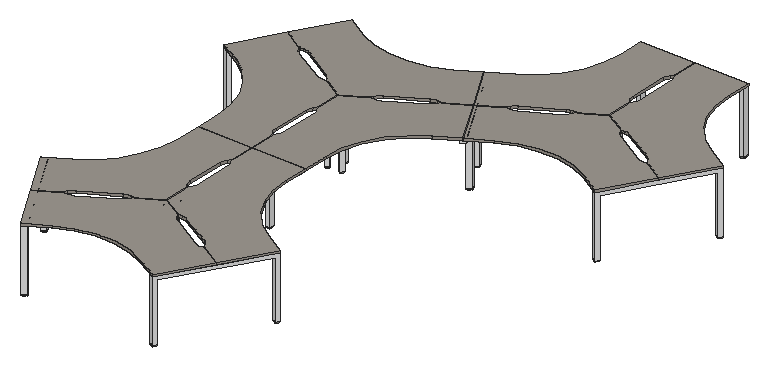
Revit family "120 Degree 9 User Symmetrical Workstation", category Furniture, Revit 2016
Family settings
  OmniClass Number = 23.40.20.00
  OmniClass Title = General Furniture and Specialties
  Work Plane-Based = No
  Always vertical = Yes
  Cut with Voids When Loaded = No
  Shared = No
  Room Calculation Point = No
Parameters
  URL = "www.gof.co.uk"
  Type Comments = ""
  Range = "MESA"
  Product Code = "MESWC1206-9"
  Desktop = Gresham - Nordic Ash
  Model = ""
  Manufacturer = "Gresham Office Furniture"  # constant formula
  Frame = Gresham - Black Metal
  Foot = Gresham - Black Plastic
  Assembly Code = "E2020200"
Reference planes
  plane 1 "Center (Front/Back)": y = 588.013
  plane 2: z = 0
  plane 3 "Center (Left/Right)": x = 0
  plane 4 "Desktop Underside": z = 702
  plane 5 "Foot": z = 10
  plane 6: y = 1788.013
  plane 7: y = -531.603
  plane 8: x = -1339.23
  plane 9: x = 1339.23
Forms (mm)
  Extrusion 1, solid, material "Gresham - Nordic Ash" <- "Desktop"
    sketch origin (-2813.985, 1941.512, 702) x (-1, 0, 0) y (0, -1, 0)
      loop
        line (-3030.492, 1478.5) -> (-2813.985, 1353.5) -> (-2597.479, 1478.5)
        arc (-2597.479, 1478.5) -> (-2568.541, 1501.862) -> (-2548.146, 1532.963) r 120
        arc (-2548.146, 1532.963) -> (-2527.751, 1564.064) -> (-2498.813, 1587.426) r 120
        line (-2498.813, 1587.426) -> (-2134.927, 1797.516)
        arc (-2134.927, 1797.516) -> (-2100.226, 1810.895) -> (-2063.094, 1813.008) r 120
        arc (-2063.094, 1813.008) -> (-2025.963, 1815.12) -> (-1991.261, 1828.5) r 120
        line (-1991.261, 1828.5) -> (-1774.755, 1953.5) -> (-2074.755, 2473.115) -> (-2313.985, 2334.995)
        arc (-2313.985, 2334.995) -> (-2813.985, 2201.021) -> (-3313.985, 2334.995) r 1000
        line (-3313.985, 2334.995) -> (-3553.216, 2473.115) -> (-3853.216, 1953.5) -> (-3636.709, 1828.5)
        arc (-3636.709, 1828.5) -> (-3602.008, 1815.12) -> (-3564.876, 1813.008) r 120
        arc (-3564.876, 1813.008) -> (-3527.745, 1810.895) -> (-3493.043, 1797.516) r 120
        line (-3493.043, 1797.516) -> (-3129.158, 1587.426)
        arc (-3129.158, 1587.426) -> (-3100.22, 1564.064) -> (-3079.825, 1532.963) r 120
        arc (-3079.825, 1532.963) -> (-3059.43, 1501.862) -> (-3030.492, 1478.5) r 120
    from 0 to 25
  Sweep 2, solid, material "Gresham - Black Metal" <- "Frame"
    path in 3D
      loop
        line (-835.104, -240.545, 702) -> (0, 241.603, 702) -> (835.104, -240.545, 702)
    profile origin (-417.552, 0.529, 702) x (-0.5, 0.866025, 0) y (0, 0, 1)
      loop
        line (20, 0) -> (-20, 0) -> (-20, -40) -> (20, -40) -> (20, 0)
  Extrusion 3, solid, material "Gresham - Black Metal" <- "Frame"
    sketch origin (48.06, 60.47, 702) x (-1, 0, 0) y (0, -1, 0)
      loop
        line (28.06, -457.543) -> (68.06, -457.543) -> (68.06, -417.543) -> (28.06, -417.543) -> (28.06, -457.543)
    from -692 to -3
  Extrusion 4, solid, material "Gresham - Black Metal" <- "Frame"
    sketch origin (0, 0, 702) x (-1, 0, 0) y (0, -1, 0)
      loop
        line (8.66, -548.013) -> (47.631, -480.513)
        arc (47.631, -480.513) -> (47.631, -470.513) -> (38.971, -465.513) r 10
        line (38.971, -465.513) -> (-38.971, -465.513)
        arc (-38.971, -465.513) -> (-47.631, -470.513) -> (-47.631, -480.513) r 10
        line (-47.631, -480.513) -> (-8.66, -548.013)
        arc (-8.66, -548.013) -> (0, -553.013) -> (8.66, -548.013) r 10
    from 0 to -3
  Extrusion 5, solid, material "Gresham - Black Plastic" <- "Foot"
    sketch origin (0, 0, 10) x (-1, 0, 0) y (0, -1, 0)
      loop
        line (-20, -518.013) -> (20, -518.013) -> (20, -478.013) -> (-20, -478.013) -> (-20, -518.013)
    from 0 to -5
  Extrusion 6, solid, material "Gresham - Black Plastic" <- "Foot"
    sketch origin (0, 0, 10) x (-1, 0, 0) y (0, -1, 0)
      loop
        circle (0, -498.013) r 18
    from -5 to -10
  Extrusion 7, solid, material "Gresham - Nordic Ash" <- "Desktop"
    sketch origin (2579.158, 2348.246, 702) x (0.5, 0.866025, 0) y (-0.866025, 0.5, 0)
      loop
        line (-3030.492, 1478.5) -> (-2813.985, 1353.5) -> (-2597.479, 1478.5)
        arc (-2597.479, 1478.5) -> (-2568.541, 1501.862) -> (-2548.146, 1532.963) r 120
        arc (-2548.146, 1532.963) -> (-2527.751, 1564.064) -> (-2498.813, 1587.426) r 120
        line (-2498.813, 1587.426) -> (-2134.927, 1797.516)
        arc (-2134.927, 1797.516) -> (-2100.226, 1810.895) -> (-2063.094, 1813.008) r 120
        arc (-2063.094, 1813.008) -> (-2025.963, 1815.12) -> (-1991.261, 1828.5) r 120
        line (-1991.261, 1828.5) -> (-1774.755, 1953.5) -> (-2074.755, 2473.115) -> (-2313.985, 2334.995)
        arc (-2313.985, 2334.995) -> (-2813.985, 2201.021) -> (-3313.985, 2334.995) r 1000
        line (-3313.985, 2334.995) -> (-3553.216, 2473.115) -> (-3853.216, 1953.5) -> (-3636.709, 1828.5)
        arc (-3636.709, 1828.5) -> (-3602.008, 1815.12) -> (-3564.876, 1813.008) r 120
        arc (-3564.876, 1813.008) -> (-3527.745, 1810.895) -> (-3493.043, 1797.516) r 120
        line (-3493.043, 1797.516) -> (-3129.158, 1587.426)
        arc (-3129.158, 1587.426) -> (-3100.22, 1564.064) -> (-3079.825, 1532.963) r 120
        arc (-3079.825, 1532.963) -> (-3059.43, 1501.862) -> (-3030.492, 1478.5) r 120
    from 0 to 25
  Sweep 8, solid, material "Gresham - Black Metal" <- "Frame"
    path in 3D
      loop
        line (-300, 1758.013, 702) -> (-300, 761.218, 702) -> (-1135.104, 279.07, 702)
    profile origin (-300, 1259.615, 702) x (1, 0, 0) y (0, 0, 1)
      loop
        line (20, 0) -> (-20, 0) -> (-20, -40) -> (20, -40) -> (20, 0)
  Extrusion 9, solid, material "Gresham - Black Metal" <- "Frame"
    sketch origin (-480.895, 810.163, 702) x (0.5, 0.866025, 0) y (-0.866025, 0.5, 0)
      loop
        line (28.06, -457.543) -> (68.06, -457.543) -> (68.06, -417.543) -> (28.06, -417.543) -> (28.06, -457.543)
    from -692 to -3
  Extrusion 10, solid, material "Gresham - Black Metal" <- "Frame"
    sketch origin (-509.234, 882.019, 702) x (0.5, 0.866025, 0) y (-0.866025, 0.5, 0)
      loop
        line (8.66, -548.013) -> (47.631, -480.513)
        arc (47.631, -480.513) -> (47.631, -470.513) -> (38.971, -465.513) r 10
        line (38.971, -465.513) -> (-38.971, -465.513)
        arc (-38.971, -465.513) -> (-47.631, -470.513) -> (-47.631, -480.513) r 10
        line (-47.631, -480.513) -> (-8.66, -548.013)
        arc (-8.66, -548.013) -> (0, -553.013) -> (8.66, -548.013) r 10
    from 0 to -3
  Extrusion 11, solid, material "Gresham - Black Plastic" <- "Foot"
    sketch origin (-509.234, 882.019, 10) x (0.5, 0.866025, 0) y (-0.866025, 0.5, 0)
      loop
        line (-20, -518.013) -> (20, -518.013) -> (20, -478.013) -> (-20, -478.013) -> (-20, -518.013)
    from 0 to -5
  Extrusion 12, solid, material "Gresham - Black Plastic" <- "Foot"
    sketch origin (-509.234, 882.019, 10) x (0.5, 0.866025, 0) y (-0.866025, 0.5, 0)
      loop
        circle (0, -498.013) r 18
    from -5 to -10
  Extrusion 13, solid, material "Gresham - Nordic Ash" <- "Desktop"
    sketch origin (234.828, -2525.72, 702) x (0.5, -0.866025, 0) y (0.866025, 0.5, 0)
      loop
        line (-3030.492, 1478.5) -> (-2813.985, 1353.5) -> (-2597.479, 1478.5)
        arc (-2597.479, 1478.5) -> (-2568.541, 1501.862) -> (-2548.146, 1532.963) r 120
        arc (-2548.146, 1532.963) -> (-2527.751, 1564.064) -> (-2498.813, 1587.426) r 120
        line (-2498.813, 1587.426) -> (-2134.927, 1797.516)
        arc (-2134.927, 1797.516) -> (-2100.226, 1810.895) -> (-2063.094, 1813.008) r 120
        arc (-2063.094, 1813.008) -> (-2025.963, 1815.12) -> (-1991.261, 1828.5) r 120
        line (-1991.261, 1828.5) -> (-1774.755, 1953.5) -> (-2074.755, 2473.115) -> (-2313.985, 2334.995)
        arc (-2313.985, 2334.995) -> (-2813.985, 2201.021) -> (-3313.985, 2334.995) r 1000
        line (-3313.985, 2334.995) -> (-3553.216, 2473.115) -> (-3853.216, 1953.5) -> (-3636.709, 1828.5)
        arc (-3636.709, 1828.5) -> (-3602.008, 1815.12) -> (-3564.876, 1813.008) r 120
        arc (-3564.876, 1813.008) -> (-3527.745, 1810.895) -> (-3493.043, 1797.516) r 120
        line (-3493.043, 1797.516) -> (-3129.158, 1587.426)
        arc (-3129.158, 1587.426) -> (-3100.22, 1564.064) -> (-3079.825, 1532.963) r 120
        arc (-3079.825, 1532.963) -> (-3059.43, 1501.862) -> (-3030.492, 1478.5) r 120
    from 0 to 25
  Sweep 14, solid, material "Gresham - Black Metal" <- "Frame"
    path in 3D
      loop
        line (1135.104, 279.07, 702) -> (300, 761.218, 702) -> (300, 1758.013, 702)
    profile origin (717.552, 520.144, 702) x (-0.5, -0.866025, 0) y (0, 0, 1)
      loop
        line (20, 0) -> (-20, 0) -> (-20, -40) -> (20, -40) -> (20, 0)
  Extrusion 15, solid, material "Gresham - Black Metal" <- "Frame"
    sketch origin (432.835, 893.405, 702) x (0.5, -0.866025, 0) y (0.866025, 0.5, 0)
      loop
        line (28.06, -457.543) -> (68.06, -457.543) -> (68.06, -417.543) -> (28.06, -417.543) -> (28.06, -457.543)
    from -692 to -3
  Extrusion 16, solid, material "Gresham - Black Metal" <- "Frame"
    sketch origin (509.234, 882.019, 702) x (0.5, -0.866025, 0) y (0.866025, 0.5, 0)
      loop
        line (8.66, -548.013) -> (47.631, -480.513)
        arc (47.631, -480.513) -> (47.631, -470.513) -> (38.971, -465.513) r 10
        line (38.971, -465.513) -> (-38.971, -465.513)
        arc (-38.971, -465.513) -> (-47.631, -470.513) -> (-47.631, -480.513) r 10
        line (-47.631, -480.513) -> (-8.66, -548.013)
        arc (-8.66, -548.013) -> (0, -553.013) -> (8.66, -548.013) r 10
    from 0 to -3
  Extrusion 17, solid, material "Gresham - Black Plastic" <- "Foot"
    sketch origin (509.234, 882.019, 10) x (0.5, -0.866025, 0) y (0.866025, 0.5, 0)
      loop
        line (-20, -518.013) -> (20, -518.013) -> (20, -478.013) -> (-20, -478.013) -> (-20, -518.013)
    from 0 to -5
  Extrusion 18, solid, material "Gresham - Black Plastic" <- "Foot"
    sketch origin (509.234, 882.019, 10) x (0.5, -0.866025, 0) y (0.866025, 0.5, 0)
      loop
        circle (0, -498.013) r 18
    from -5 to -10
  Extrusion 19, solid, material "Gresham - Nordic Ash" <- "Desktop"
    sketch origin (-2813.985, 1634.513, 702) x (-1, 0, 0) y (0, -1, 0)
      loop
        arc (-3030.492, -1478.5) -> (-3059.43, -1501.862) -> (-3079.825, -1532.963) r 120
        arc (-3079.825, -1532.963) -> (-3100.22, -1564.064) -> (-3129.158, -1587.426) r 120
        line (-3129.158, -1587.426) -> (-3493.043, -1797.516)
        arc (-3493.043, -1797.516) -> (-3527.745, -1810.895) -> (-3564.876, -1813.008) r 120
        arc (-3564.876, -1813.008) -> (-3602.008, -1815.12) -> (-3636.709, -1828.5) r 120
        line (-3636.709, -1828.5) -> (-3853.216, -1953.5) -> (-3553.216, -2473.115) -> (-3313.985, -2334.995)
        arc (-3313.985, -2334.995) -> (-2813.985, -2201.021) -> (-2313.985, -2334.995) r 1000
        line (-2313.985, -2334.995) -> (-2074.755, -2473.115) -> (-1774.755, -1953.5) -> (-1991.261, -1828.5)
        arc (-1991.261, -1828.5) -> (-2025.963, -1815.12) -> (-2063.094, -1813.008) r 120
        arc (-2063.094, -1813.008) -> (-2100.226, -1810.895) -> (-2134.927, -1797.516) r 120
        line (-2134.927, -1797.516) -> (-2498.813, -1587.426)
        arc (-2498.813, -1587.426) -> (-2527.751, -1564.064) -> (-2548.146, -1532.963) r 120
        arc (-2548.146, -1532.963) -> (-2568.541, -1501.862) -> (-2597.479, -1478.5) r 120
        line (-2597.479, -1478.5) -> (-2813.985, -1353.5) -> (-3030.492, -1478.5)
    from 0 to 25
  Sweep 20, solid, material "Gresham - Black Metal" <- "Frame"
    path in 3D
      loop
        line (-835.104, 3816.57, 702) -> (0, 3334.423, 702) -> (863.25, 3832.82, 702)
    profile origin (-417.552, 3575.497, 702) x (0.5, 0.866025, 0) y (0, 0, 1)
      loop
        line (20, 0) -> (-20, 0) -> (-20, -40) -> (20, -40) -> (20, 0)
  Extrusion 21, solid, material "Gresham - Black Metal" <- "Frame"
    sketch origin (48.06, 3515.555, 702) x (-1, 0, 0) y (0, -1, 0)
      loop
        line (28.06, 457.543) -> (28.06, 417.543) -> (68.06, 417.543) -> (68.06, 457.543) -> (28.06, 457.543)
    from -692 to -3
  Extrusion 22, solid, material "Gresham - Black Metal" <- "Frame"
    sketch origin (0, 3576.025, 702) x (-1, 0, 0) y (0, -1, 0)
      loop
        arc (8.66, 548.013) -> (0, 553.013) -> (-8.66, 548.013) r 10
        line (-8.66, 548.013) -> (-47.631, 480.513)
        arc (-47.631, 480.513) -> (-47.631, 470.513) -> (-38.971, 465.513) r 10
        line (-38.971, 465.513) -> (38.971, 465.513)
        arc (38.971, 465.513) -> (47.631, 470.513) -> (47.631, 480.513) r 10
        line (47.631, 480.513) -> (8.66, 548.013)
    from 0 to -3
  Extrusion 23, solid, material "Gresham - Black Plastic" <- "Foot"
    sketch origin (0, 3576.025, 10) x (-1, 0, 0) y (0, -1, 0)
      loop
        line (-20, 518.013) -> (-20, 478.013) -> (20, 478.013) -> (20, 518.013) -> (-20, 518.013)
    from 0 to -5
  Extrusion 24, solid, material "Gresham - Black Plastic" <- "Foot"
    sketch origin (0, 3576.025, 10) x (-1, 0, 0) y (0, -1, 0)
      loop
        circle (0, 498.013) r 18
    from -5 to -10
  Extrusion 25, solid, material "Gresham - Nordic Ash" <- "Desktop"
    sketch origin (2579.158, 1227.78, 702) x (0.5, -0.866025, 0) y (0.866025, 0.5, 0)
      loop
        arc (-3030.492, -1478.5) -> (-3059.43, -1501.862) -> (-3079.825, -1532.963) r 120
        arc (-3079.825, -1532.963) -> (-3100.22, -1564.064) -> (-3129.158, -1587.426) r 120
        line (-3129.158, -1587.426) -> (-3493.043, -1797.516)
        arc (-3493.043, -1797.516) -> (-3527.745, -1810.895) -> (-3564.876, -1813.008) r 120
        arc (-3564.876, -1813.008) -> (-3602.008, -1815.12) -> (-3636.709, -1828.5) r 120
        line (-3636.709, -1828.5) -> (-3853.216, -1953.5) -> (-3553.216, -2473.115) -> (-3313.985, -2334.995)
        arc (-3313.985, -2334.995) -> (-2813.985, -2201.021) -> (-2313.985, -2334.995) r 1000
        line (-2313.985, -2334.995) -> (-2074.755, -2473.115) -> (-1774.755, -1953.5) -> (-1991.261, -1828.5)
        arc (-1991.261, -1828.5) -> (-2025.963, -1815.12) -> (-2063.094, -1813.008) r 120
        arc (-2063.094, -1813.008) -> (-2100.226, -1810.895) -> (-2134.927, -1797.516) r 120
        line (-2134.927, -1797.516) -> (-2498.813, -1587.426)
        arc (-2498.813, -1587.426) -> (-2527.751, -1564.064) -> (-2548.146, -1532.963) r 120
        arc (-2548.146, -1532.963) -> (-2568.541, -1501.862) -> (-2597.479, -1478.5) r 120
        line (-2597.479, -1478.5) -> (-2813.985, -1353.5) -> (-3030.492, -1478.5)
    from 0 to 25
  Sweep 26, solid, material "Gresham - Black Metal" <- "Frame"
    path in 3D
      loop
        line (-300, 1818.013, 702) -> (-300, 2814.808, 702) -> (-1135.104, 3296.955, 702)
    profile origin (-300, 2316.41, 702) x (-1, 0, 0) y (0, 0, 1)
      loop
        line (20, 0) -> (-20, 0) -> (-20, -40) -> (20, -40) -> (20, 0)
  Extrusion 27, solid, material "Gresham - Black Metal" <- "Frame"
    sketch origin (-480.895, 2765.862, 702) x (0.5, -0.866025, 0) y (0.866025, 0.5, 0)
      loop
        line (28.06, 457.543) -> (28.06, 417.543) -> (68.06, 417.543) -> (68.06, 457.543) -> (28.06, 457.543)
    from -692 to -3
  Extrusion 28, solid, material "Gresham - Black Metal" <- "Frame"
    sketch origin (-509.234, 2694.006, 702) x (0.5, -0.866025, 0) y (0.866025, 0.5, 0)
      loop
        arc (8.66, 548.013) -> (0, 553.013) -> (-8.66, 548.013) r 10
        line (-8.66, 548.013) -> (-47.631, 480.513)
        arc (-47.631, 480.513) -> (-47.631, 470.513) -> (-38.971, 465.513) r 10
        line (-38.971, 465.513) -> (38.971, 465.513)
        arc (38.971, 465.513) -> (47.631, 470.513) -> (47.631, 480.513) r 10
        line (47.631, 480.513) -> (8.66, 548.013)
    from 0 to -3
  Extrusion 29, solid, material "Gresham - Black Plastic" <- "Foot"
    sketch origin (-509.234, 2694.006, 10) x (0.5, -0.866025, 0) y (0.866025, 0.5, 0)
      loop
        line (-20, 518.013) -> (-20, 478.013) -> (20, 478.013) -> (20, 518.013) -> (-20, 518.013)
    from 0 to -5
  Extrusion 30, solid, material "Gresham - Black Plastic" <- "Foot"
    sketch origin (-509.234, 2694.006, 10) x (0.5, -0.866025, 0) y (0.866025, 0.5, 0)
      loop
        circle (0, 498.013) r 18
    from -5 to -10
  Extrusion 31, solid, material "Gresham - Nordic Ash" <- "Desktop"
    sketch origin (234.828, 6101.745, 702) x (0.5, 0.866025, 0) y (-0.866025, 0.5, 0)
      loop
        arc (-3030.492, -1478.5) -> (-3059.43, -1501.862) -> (-3079.825, -1532.963) r 120
        arc (-3079.825, -1532.963) -> (-3100.22, -1564.064) -> (-3129.158, -1587.426) r 120
        line (-3129.158, -1587.426) -> (-3493.043, -1797.516)
        arc (-3493.043, -1797.516) -> (-3527.745, -1810.895) -> (-3564.876, -1813.008) r 120
        arc (-3564.876, -1813.008) -> (-3602.008, -1815.12) -> (-3636.709, -1828.5) r 120
        line (-3636.709, -1828.5) -> (-3853.216, -1953.5) -> (-3553.216, -2473.115) -> (-3313.985, -2334.995)
        arc (-3313.985, -2334.995) -> (-2813.985, -2201.021) -> (-2313.985, -2334.995) r 1000
        line (-2313.985, -2334.995) -> (-2074.755, -2473.115) -> (-1774.755, -1953.5) -> (-1991.261, -1828.5)
        arc (-1991.261, -1828.5) -> (-2025.963, -1815.12) -> (-2063.094, -1813.008) r 120
        arc (-2063.094, -1813.008) -> (-2100.226, -1810.895) -> (-2134.927, -1797.516) r 120
        line (-2134.927, -1797.516) -> (-2498.813, -1587.426)
        arc (-2498.813, -1587.426) -> (-2527.751, -1564.064) -> (-2548.146, -1532.963) r 120
        arc (-2548.146, -1532.963) -> (-2568.541, -1501.862) -> (-2597.479, -1478.5) r 120
        line (-2597.479, -1478.5) -> (-2813.985, -1353.5) -> (-3030.492, -1478.5)
    from 0 to 25
  Sweep 32, solid, material "Gresham - Black Metal" <- "Frame"
    path in 3D
      loop
        line (1163.25, 3313.205, 702) -> (300, 2814.808, 702) -> (300, 1818.013, 702)
    profile origin (731.625, 3064.006, 702) x (0.5, -0.866025, 0) y (0, 0, 1)
      loop
        line (20, 0) -> (-20, 0) -> (-20, -40) -> (20, -40) -> (20, 0)
  Extrusion 33, solid, material "Gresham - Black Metal" <- "Frame"
    sketch origin (432.835, 2682.62, 702) x (0.5, 0.866025, 0) y (-0.866025, 0.5, 0)
      loop
        line (28.06, 457.543) -> (28.06, 417.543) -> (68.06, 417.543) -> (68.06, 457.543) -> (28.06, 457.543)
    from -692 to -3
  Extrusion 34, solid, material "Gresham - Black Metal" <- "Frame"
    sketch origin (509.234, 2694.006, 702) x (0.5, 0.866025, 0) y (-0.866025, 0.5, 0)
      loop
        arc (8.66, 548.013) -> (0, 553.013) -> (-8.66, 548.013) r 10
        line (-8.66, 548.013) -> (-47.631, 480.513)
        arc (-47.631, 480.513) -> (-47.631, 470.513) -> (-38.971, 465.513) r 10
        line (-38.971, 465.513) -> (38.971, 465.513)
        arc (38.971, 465.513) -> (47.631, 470.513) -> (47.631, 480.513) r 10
        line (47.631, 480.513) -> (8.66, 548.013)
    from 0 to -3
  Extrusion 35, solid, material "Gresham - Black Plastic" <- "Foot"
    sketch origin (509.234, 2694.006, 10) x (0.5, 0.866025, 0) y (-0.866025, 0.5, 0)
      loop
        line (-20, 518.013) -> (-20, 478.013) -> (20, 478.013) -> (20, 518.013) -> (-20, 518.013)
    from 0 to -5
  Extrusion 36, solid, material "Gresham - Black Plastic" <- "Foot"
    sketch origin (509.234, 2694.006, 10) x (0.5, 0.866025, 0) y (-0.866025, 0.5, 0)
      loop
        circle (0, 498.013) r 18
    from -5 to -10
  Extrusion 37, solid, material "Gresham - Nordic Ash" <- "Desktop"
    sketch origin (4657.619, 5948.246, 702) x (0.5, 0.866025, 0) y (-0.866025, 0.5, 0)
      loop
        line (-3030.492, 1478.5) -> (-2813.985, 1353.5) -> (-2597.479, 1478.5)
        arc (-2597.479, 1478.5) -> (-2568.541, 1501.862) -> (-2548.146, 1532.963) r 120
        arc (-2548.146, 1532.963) -> (-2527.751, 1564.064) -> (-2498.813, 1587.426) r 120
        line (-2498.813, 1587.426) -> (-2134.927, 1797.516)
        arc (-2134.927, 1797.516) -> (-2100.226, 1810.895) -> (-2063.094, 1813.008) r 120
        arc (-2063.094, 1813.008) -> (-2025.963, 1815.12) -> (-1991.261, 1828.5) r 120
        line (-1991.261, 1828.5) -> (-1774.755, 1953.5) -> (-2074.755, 2473.115) -> (-2313.985, 2334.995)
        arc (-2313.985, 2334.995) -> (-2813.985, 2201.021) -> (-3313.985, 2334.995) r 1000
        line (-3313.985, 2334.995) -> (-3553.216, 2473.115) -> (-3853.216, 1953.5) -> (-3636.709, 1828.5)
        arc (-3636.709, 1828.5) -> (-3602.008, 1815.12) -> (-3564.876, 1813.008) r 120
        arc (-3564.876, 1813.008) -> (-3527.745, 1810.895) -> (-3493.043, 1797.516) r 120
        line (-3493.043, 1797.516) -> (-3129.158, 1587.426)
        arc (-3129.158, 1587.426) -> (-3100.22, 1564.064) -> (-3079.825, 1532.963) r 120
        arc (-3079.825, 1532.963) -> (-3059.43, 1501.862) -> (-3030.492, 1478.5) r 120
    from 0 to 25
  Sweep 38, solid, material "Gresham - Black Metal" <- "Frame"
    path in 3D
      loop
        line (1778.461, 5325.513, 702) -> (1778.461, 4361.218, 702) -> (915.211, 3862.82, 702)
    profile origin (1778.461, 4843.365, 702) x (1, 0, 0) y (0, 0, 1)
      loop
        line (20, 0) -> (-20, 0) -> (-20, -40) -> (20, -40) -> (20, 0)
  Extrusion 39, solid, material "Gresham - Black Metal" <- "Frame"
    sketch origin (1597.566, 4410.163, 702) x (0.5, 0.866025, 0) y (-0.866025, 0.5, 0)
      loop
        line (28.06, -457.543) -> (68.06, -457.543) -> (68.06, -417.543) -> (28.06, -417.543) -> (28.06, -457.543)
    from -692 to -3
  Extrusion 40, solid, material "Gresham - Black Metal" <- "Frame"
    sketch origin (1569.227, 4482.019, 702) x (0.5, 0.866025, 0) y (-0.866025, 0.5, 0)
      loop
        line (8.66, -548.013) -> (47.631, -480.513)
        arc (47.631, -480.513) -> (47.631, -470.513) -> (38.971, -465.513) r 10
        line (38.971, -465.513) -> (-38.971, -465.513)
        arc (-38.971, -465.513) -> (-47.631, -470.513) -> (-47.631, -480.513) r 10
        line (-47.631, -480.513) -> (-8.66, -548.013)
        arc (-8.66, -548.013) -> (0, -553.013) -> (8.66, -548.013) r 10
    from 0 to -3
  Extrusion 41, solid, material "Gresham - Black Plastic" <- "Foot"
    sketch origin (1569.227, 4482.019, 10) x (0.5, 0.866025, 0) y (-0.866025, 0.5, 0)
      loop
        line (-20, -518.013) -> (20, -518.013) -> (20, -478.013) -> (-20, -478.013) -> (-20, -518.013)
    from 0 to -5
  Extrusion 42, solid, material "Gresham - Black Plastic" <- "Foot"
    sketch origin (1569.227, 4482.019, 10) x (0.5, 0.866025, 0) y (-0.866025, 0.5, 0)
      loop
        circle (0, -498.013) r 18
    from -5 to -10
  Extrusion 43, solid, material "Gresham - Nordic Ash" <- "Desktop"
    sketch origin (2313.288, 1074.28, 702) x (0.5, -0.866025, 0) y (0.866025, 0.5, 0)
      loop
        line (-3030.492, 1478.5) -> (-2813.985, 1353.5) -> (-2597.479, 1478.5)
        arc (-2597.479, 1478.5) -> (-2568.541, 1501.862) -> (-2548.146, 1532.963) r 120
        arc (-2548.146, 1532.963) -> (-2527.751, 1564.064) -> (-2498.813, 1587.426) r 120
        line (-2498.813, 1587.426) -> (-2134.927, 1797.516)
        arc (-2134.927, 1797.516) -> (-2100.226, 1810.895) -> (-2063.094, 1813.008) r 120
        arc (-2063.094, 1813.008) -> (-2025.963, 1815.12) -> (-1991.261, 1828.5) r 120
        line (-1991.261, 1828.5) -> (-1774.755, 1953.5) -> (-2074.755, 2473.115) -> (-2313.985, 2334.995)
        arc (-2313.985, 2334.995) -> (-2813.985, 2201.021) -> (-3313.985, 2334.995) r 1000
        line (-3313.985, 2334.995) -> (-3553.216, 2473.115) -> (-3853.216, 1953.5) -> (-3636.709, 1828.5)
        arc (-3636.709, 1828.5) -> (-3602.008, 1815.12) -> (-3564.876, 1813.008) r 120
        arc (-3564.876, 1813.008) -> (-3527.745, 1810.895) -> (-3493.043, 1797.516) r 120
        line (-3493.043, 1797.516) -> (-3129.158, 1587.426)
        arc (-3129.158, 1587.426) -> (-3100.22, 1564.064) -> (-3079.825, 1532.963) r 120
        arc (-3079.825, 1532.963) -> (-3059.43, 1501.862) -> (-3030.492, 1478.5) r 120
    from 0 to 25
  Sweep 44, solid, material "Gresham - Black Metal" <- "Frame"
    path in 3D
      loop
        line (3213.132, 3879.32, 702) -> (2378.461, 4361.218, 702) -> (2378.461, 5325.513, 702)
    profile origin (2795.796, 4120.269, 702) x (-0.5, -0.866025, 0) y (0, 0, 1)
      loop
        line (20, 0) -> (-20, 0) -> (-20, -40) -> (20, -40) -> (20, 0)
  Extrusion 45, solid, material "Gresham - Black Metal" <- "Frame"
    sketch origin (2511.296, 4493.405, 702) x (0.5, -0.866025, 0) y (0.866025, 0.5, 0)
      loop
        line (28.06, -457.543) -> (68.06, -457.543) -> (68.06, -417.543) -> (28.06, -417.543) -> (28.06, -457.543)
    from -692 to -3
  Extrusion 46, solid, material "Gresham - Black Metal" <- "Frame"
    sketch origin (2587.695, 4482.019, 702) x (0.5, -0.866025, 0) y (0.866025, 0.5, 0)
      loop
        line (8.66, -548.013) -> (47.631, -480.513)
        arc (47.631, -480.513) -> (47.631, -470.513) -> (38.971, -465.513) r 10
        line (38.971, -465.513) -> (-38.971, -465.513)
        arc (-38.971, -465.513) -> (-47.631, -470.513) -> (-47.631, -480.513) r 10
        line (-47.631, -480.513) -> (-8.66, -548.013)
        arc (-8.66, -548.013) -> (0, -553.013) -> (8.66, -548.013) r 10
    from 0 to -3
  Extrusion 47, solid, material "Gresham - Black Plastic" <- "Foot"
    sketch origin (2587.695, 4482.019, 10) x (0.5, -0.866025, 0) y (0.866025, 0.5, 0)
      loop
        line (-20, -518.013) -> (20, -518.013) -> (20, -478.013) -> (-20, -478.013) -> (-20, -518.013)
    from 0 to -5
  Extrusion 48, solid, material "Gresham - Black Plastic" <- "Foot"
    sketch origin (2587.695, 4482.019, 10) x (0.5, -0.866025, 0) y (0.866025, 0.5, 0)
      loop
        circle (0, -498.013) r 18
    from -5 to -10
  Extrusion 49, solid, material "Gresham - Nordic Ash" <- "Desktop"
    sketch origin (-735.524, 5541.512, 702) x (-1, 0, 0) y (0, -1, 0)
      loop
        line (-3030.492, 1478.5) -> (-2813.985, 1353.5) -> (-2597.479, 1478.5)
        arc (-2597.479, 1478.5) -> (-2568.541, 1501.862) -> (-2548.146, 1532.963) r 120
        arc (-2548.146, 1532.963) -> (-2527.751, 1564.064) -> (-2498.813, 1587.426) r 120
        line (-2498.813, 1587.426) -> (-2134.927, 1797.516)
        arc (-2134.927, 1797.516) -> (-2100.226, 1810.895) -> (-2063.094, 1813.008) r 120
        arc (-2063.094, 1813.008) -> (-2025.963, 1815.12) -> (-1991.261, 1828.5) r 120
        line (-1991.261, 1828.5) -> (-1774.755, 1953.5) -> (-2074.755, 2473.115) -> (-2313.985, 2334.995)
        arc (-2313.985, 2334.995) -> (-2813.985, 2201.021) -> (-3313.985, 2334.995) r 1000
        line (-3313.985, 2334.995) -> (-3553.216, 2473.115) -> (-3853.216, 1953.5) -> (-3636.709, 1828.5)
        arc (-3636.709, 1828.5) -> (-3602.008, 1815.12) -> (-3564.876, 1813.008) r 120
        arc (-3564.876, 1813.008) -> (-3527.745, 1810.895) -> (-3493.043, 1797.516) r 120
        line (-3493.043, 1797.516) -> (-3129.158, 1587.426)
        arc (-3129.158, 1587.426) -> (-3100.22, 1564.064) -> (-3079.825, 1532.963) r 120
        arc (-3079.825, 1532.963) -> (-3059.43, 1501.862) -> (-3030.492, 1478.5) r 120
    from 0 to 25
  Sweep 50, solid, material "Gresham - Black Metal" <- "Frame"
    path in 3D
      loop
        line (1215.211, 3343.205, 702) -> (2078.461, 3841.603, 702) -> (2913.132, 3359.705, 702)
    profile origin (1646.836, 3592.404, 702) x (-0.5, 0.866025, 0) y (0, 0, 1)
      loop
        line (20, 0) -> (-20, 0) -> (-20, -40) -> (20, -40) -> (20, 0)
  Extrusion 51, solid, material "Gresham - Black Metal" <- "Frame"
    sketch origin (2126.521, 3660.47, 702) x (-1, 0, 0) y (0, -1, 0)
      loop
        line (28.06, -457.543) -> (68.06, -457.543) -> (68.06, -417.543) -> (28.06, -417.543) -> (28.06, -457.543)
    from -692 to -3
  Extrusion 52, solid, material "Gresham - Black Metal" <- "Frame"
    sketch origin (2078.461, 3600, 702) x (-1, 0, 0) y (0, -1, 0)
      loop
        line (8.66, -548.013) -> (47.631, -480.513)
        arc (47.631, -480.513) -> (47.631, -470.513) -> (38.971, -465.513) r 10
        line (38.971, -465.513) -> (-38.971, -465.513)
        arc (-38.971, -465.513) -> (-47.631, -470.513) -> (-47.631, -480.513) r 10
        line (-47.631, -480.513) -> (-8.66, -548.013)
        arc (-8.66, -548.013) -> (0, -553.013) -> (8.66, -548.013) r 10
    from 0 to -3
  Extrusion 53, solid, material "Gresham - Black Plastic" <- "Foot"
    sketch origin (2078.461, 3600, 10) x (-1, 0, 0) y (0, -1, 0)
      loop
        line (-20, -518.013) -> (20, -518.013) -> (20, -478.013) -> (-20, -478.013) -> (-20, -518.013)
    from 0 to -5
  Extrusion 54, solid, material "Gresham - Black Plastic" <- "Foot"
    sketch origin (2078.461, 3600, 10) x (-1, 0, 0) y (0, -1, 0)
      loop
        circle (0, -498.013) r 18
    from -5 to -10
Lines and regions (mm)
  model lines
    curve 1: line (-835.104, -240.545, 702) -> (0, 241.603, 702)
    curve 2: line (835.104, -240.545, 702) -> (0, 241.603, 702)
    curve 5: line (-300, 1758.013, 702) -> (-300, 761.218, 702)
    curve 6: line (-1135.104, 279.07, 702) -> (-300, 761.218, 702)
    curve 9: line (1135.104, 279.07, 702) -> (300, 761.218, 702)
    curve 10: line (300, 1758.013, 702) -> (300, 761.218, 702)
    curve 13: line (-835.104, 3816.57, 702) -> (0, 3334.423, 702)
    curve 14: line (863.25, 3832.82, 702) -> (0, 3334.423, 702)
    curve 17: line (-300, 1818.013, 702) -> (-300, 2814.808, 702)
    curve 18: line (-1135.104, 3296.955, 702) -> (-300, 2814.808, 702)
    curve 21: line (1163.25, 3313.205, 702) -> (300, 2814.808, 702)
    curve 22: line (300, 1818.013, 702) -> (300, 2814.808, 702)
    curve 25: line (1778.461, 5325.513, 702) -> (1778.461, 4361.218, 702)
    curve 26: line (915.211, 3862.82, 702) -> (1778.461, 4361.218, 702)
    curve 29: line (3213.132, 3879.32, 702) -> (2378.461, 4361.218, 702)
    curve 30: line (2378.461, 5325.513, 702) -> (2378.461, 4361.218, 702)
    curve 33: line (1215.211, 3343.205, 702) -> (2078.461, 3841.603, 702)
    curve 34: line (2913.132, 3359.705, 702) -> (2078.461, 3841.603, 702)
  sketch lines
    curve 3: line (-835.104, -240.545, 702) -> (0, 241.603, 702)
    curve 4: line (835.104, -240.545, 702) -> (0, 241.603, 702)
    curve 7: line (-300, 1758.013, 702) -> (-300, 761.218, 702)
    curve 8: line (-1135.104, 279.07, 702) -> (-300, 761.218, 702)
    curve 11: line (1135.104, 279.07, 702) -> (300, 761.218, 702)
    curve 12: line (300, 1758.013, 702) -> (300, 761.218, 702)
    curve 15: line (-835.104, 3816.57, 702) -> (0, 3334.423, 702)
    curve 16: line (863.25, 3832.82, 702) -> (0, 3334.423, 702)
    curve 19: line (-300, 1818.013, 702) -> (-300, 2814.808, 702)
    curve 20: line (-1135.104, 3296.955, 702) -> (-300, 2814.808, 702)
    curve 23: line (1163.25, 3313.205, 702) -> (300, 2814.808, 702)
    curve 24: line (300, 1818.013, 702) -> (300, 2814.808, 702)
    curve 27: line (1778.461, 5325.513, 702) -> (1778.461, 4361.218, 702)
    curve 28: line (915.211, 3862.82, 702) -> (1778.461, 4361.218, 702)
    curve 31: line (3213.132, 3879.32, 702) -> (2378.461, 4361.218, 702)
    curve 32: line (2378.461, 5325.513, 702) -> (2378.461, 4361.218, 702)
    curve 35: line (1215.211, 3343.205, 702) -> (2078.461, 3841.603, 702)
    curve 36: line (2913.132, 3359.705, 702) -> (2078.461, 3841.603, 702)
Dimensions and locks
  locked: plane 4 "Desktop Underside" to plane 2 at 702
  locked: plane 2 to plane 5 "Foot" at 10
  plane 7 to plane 1 "Center (Front/Back)" to plane 6 = 1119.615 mm, 1200 mm
  Extrusion 1 sketch curve to Extrusion 1 sketch curve = 1200 mm  (x2)
  Extrusion 1 sketch curve to Extrusion 1 sketch curve = 250 mm  (x4)
  Extrusion 1 sketch curve to Extrusion 1 sketch curve = 45 mm  (x2)
  plane 8 to plane 9 = 2678.461 mm
  equal spacing: plane 8, plane 3 "Center (Left/Right)", plane 9
  Sweep 2 sketch curve to Extrusion 1 = 40 mm
  Sweep 2 sketch curve to Sweep 2 sketch curve = 40 mm
  plane 7 to plane 6 = 2319.615 mm
  locked: Extrusion 1 to nested 1 at 2.5  (x2)
  Extrusion 7 sketch curve to Extrusion 7 sketch curve = 1200 mm  (x2)
  Extrusion 7 sketch curve to Extrusion 7 sketch curve = 250 mm  (x4)
  Extrusion 7 sketch curve to Extrusion 7 sketch curve = 45 mm  (x2)
  Sweep 8 sketch curve to Extrusion 7 = 40 mm
  Sweep 8 sketch curve to Sweep 8 sketch curve = 40 mm
  locked: Extrusion 7 to nested 2 at 2.5  (x2)
  Extrusion 13 sketch curve to Extrusion 13 sketch curve = 1200 mm  (x2)
  Extrusion 13 sketch curve to Extrusion 13 sketch curve = 250 mm  (x4)
  Extrusion 13 sketch curve to Extrusion 13 sketch curve = 45 mm  (x2)
  Sweep 14 sketch curve to Extrusion 13 = 40 mm
  Sweep 14 sketch curve to Sweep 14 sketch curve = 40 mm
  Extrusion 19 sketch curve to Extrusion 19 sketch curve = 1200 mm  (x2)
  Extrusion 19 sketch curve to Extrusion 19 sketch curve = 250 mm  (x4)
  Extrusion 19 sketch curve to Extrusion 19 sketch curve = 45 mm  (x2)
  Sweep 20 sketch curve to Extrusion 19 = 40 mm
  Sweep 20 sketch curve to Sweep 20 sketch curve = 40 mm
  Extrusion 25 sketch curve to Extrusion 25 sketch curve = 1200 mm  (x2)
  Extrusion 25 sketch curve to Extrusion 25 sketch curve = 250 mm  (x4)
  Extrusion 25 sketch curve to Extrusion 25 sketch curve = 45 mm  (x2)
  Sweep 26 sketch curve to Extrusion 25 = 40 mm
  Sweep 26 sketch curve to Sweep 26 sketch curve = 40 mm
  locked: Extrusion 25 to nested 4 at 2.5  (x2)
  Extrusion 31 sketch curve to Extrusion 31 sketch curve = 1200 mm  (x2)
  Extrusion 31 sketch curve to Extrusion 31 sketch curve = 250 mm  (x4)
  Extrusion 31 sketch curve to Extrusion 31 sketch curve = 45 mm  (x2)
  Sweep 32 sketch curve to Extrusion 31 = 40 mm
  Sweep 32 sketch curve to Sweep 32 sketch curve = 40 mm
  locked: Extrusion 19 to nested 4 at 2.5  (x2)
  locked: nested 5 to Extrusion 13 at 37.5
  locked: Extrusion 7 to nested 5 at 37.5
  Extrusion 37 sketch curve to Extrusion 37 sketch curve = 1200 mm  (x2)
  Extrusion 37 sketch curve to Extrusion 37 sketch curve = 250 mm  (x4)
  Extrusion 37 sketch curve to Extrusion 37 sketch curve = 45 mm  (x2)
  Sweep 38 sketch curve to Extrusion 37 = 40 mm
  Sweep 38 sketch curve to Sweep 38 sketch curve = 40 mm
  Extrusion 43 sketch curve to Extrusion 43 sketch curve = 1200 mm  (x2)
  Extrusion 43 sketch curve to Extrusion 43 sketch curve = 250 mm  (x4)
  Extrusion 43 sketch curve to Extrusion 43 sketch curve = 45 mm  (x2)
  Sweep 44 sketch curve to Extrusion 43 = 40 mm
  Sweep 44 sketch curve to Sweep 44 sketch curve = 40 mm
  locked: Extrusion 43 to nested 6 at 2.5  (x2)
  Extrusion 49 sketch curve to Extrusion 49 sketch curve = 1200 mm  (x2)
  Extrusion 49 sketch curve to Extrusion 49 sketch curve = 250 mm  (x4)
  Extrusion 49 sketch curve to Extrusion 49 sketch curve = 45 mm  (x2)
  Sweep 50 sketch curve to Extrusion 49 = 40 mm
  Sweep 50 sketch curve to Sweep 50 sketch curve = 40 mm
  locked: Extrusion 37 to nested 6 at 2.5  (x2)
  locked: Extrusion 43 to nested 7 at 2.5
  locked: Extrusion 43 to nested 7 at 3
  locked: Extrusion 49 to nested 7 at 2.5
  locked: Extrusion 49 to nested 7 at 3
  radius of Extrusion 6 sketch curve = 18 mm
  radius of Extrusion 12 sketch curve = 18 mm
  radius of Extrusion 18 sketch curve = 18 mm
  radius of Extrusion 24 sketch curve = 18 mm
  radius of Extrusion 30 sketch curve = 18 mm
  radius of Extrusion 36 sketch curve = 18 mm
  radius of Extrusion 42 sketch curve = 18 mm
  radius of Extrusion 48 sketch curve = 18 mm
  radius of Extrusion 54 sketch curve = 18 mm
  aligned and locked: level to plane 2
  aligned and locked: Extrusion 3 to Extrusion 4
  aligned and locked: Extrusion 6 to Extrusion 5
  aligned and locked: Extrusion 9 to Extrusion 10
  aligned and locked: Extrusion 12 to Extrusion 11
  aligned and locked: Extrusion 15 to Extrusion 16
  aligned and locked: Extrusion 18 to Extrusion 17
  aligned and locked: Extrusion 22 to Extrusion 21
  aligned and locked: Extrusion 23 to Extrusion 24
  aligned and locked: Extrusion 28 to Extrusion 27
  aligned and locked: Extrusion 29 to Extrusion 30
  aligned and locked: Extrusion 34 to Extrusion 33
  aligned and locked: Extrusion 35 to Extrusion 36
  aligned and locked: Extrusion 39 to Extrusion 40
  aligned and locked: Extrusion 42 to Extrusion 41
  aligned and locked: Extrusion 45 to Extrusion 46
  aligned and locked: Extrusion 48 to Extrusion 47
  aligned and locked: Extrusion 51 to Extrusion 52
  aligned and locked: Extrusion 54 to Extrusion 53
Automatic sketch dimensions
  plane 7 to Extrusion 1 sketch curve = 0 mm  (x2)
  plane 1 "Center (Front/Back)" to Extrusion 1 sketch curve = 0 mm
  Extrusion 1 sketch curve to plane 3 "Center (Left/Right)" = 0 mm  (x2)
  plane 3 "Center (Left/Right)" to Extrusion 1 sketch curve = 156.506 mm
  plane 1 "Center (Front/Back)" to Extrusion 1 sketch curve = 125 mm  (x2)
  Extrusion 1 sketch curve to Extrusion 1 sketch curve = 98.666 mm  (x2)
  Extrusion 1 sketch curve to Extrusion 1 sketch curve = 60 mm  (x5)
  Extrusion 1 sketch curve to plane 7 = 138.12 mm  (x2)
  plane 3 "Center (Left/Right)" to Extrusion 1 sketch curve = 500 mm
  Extrusion 1 sketch curve to Extrusion 1 sketch curve = 363.885 mm  (x2)
  Extrusion 1 sketch curve to Extrusion 1 sketch curve = 83.666 mm
  plane 1 "Center (Front/Back)" to Extrusion 1 sketch curve = 475 mm
  Extrusion 1 sketch curve to plane 3 "Center (Left/Right)" = 156.506 mm
  plane 1 "Center (Front/Back)" to Extrusion 1 sketch curve = 444.016 mm
  Extrusion 1 sketch curve to Extrusion 1 sketch curve = 103.923 mm  (x8)
  plane 7 to Extrusion 1 sketch curve = 727.906 mm
  profile plane to Sweep 2 sketch curve = 0 mm
  profile plane to Sweep 2 sketch curve = 20 mm
  plane 3 "Center (Left/Right)" to Extrusion 3 sketch curve = 20 mm
  Extrusion 3 sketch curve to plane 3 "Center (Left/Right)" = 20 mm
  plane 1 "Center (Front/Back)" to Extrusion 3 sketch curve = 70 mm
  Extrusion 3 sketch curve to Extrusion 3 sketch curve = 40 mm
  Extrusion 4 sketch curve to plane 3 "Center (Left/Right)" = 0 mm
  plane 3 "Center (Left/Right)" to Extrusion 4 sketch curve = 8.66 mm
  plane 3 "Center (Left/Right)" to Extrusion 4 sketch curve = 38.971 mm
  Extrusion 4 sketch curve to Extrusion 4 sketch curve = 8.66 mm  (x2)
  Extrusion 4 sketch curve to plane 3 "Center (Left/Right)" = 8.66 mm
  Extrusion 4 sketch curve to plane 3 "Center (Left/Right)" = 38.971 mm
  plane 1 "Center (Front/Back)" to Extrusion 4 sketch curve = 40 mm
  Extrusion 4 sketch curve to Extrusion 4 sketch curve = 5 mm  (x2)
  Extrusion 4 sketch curve to Extrusion 4 sketch curve = 67.5 mm  (x2)
  plane 3 "Center (Left/Right)" to Extrusion 5 sketch curve = 20 mm
  Extrusion 5 sketch curve to plane 3 "Center (Left/Right)" = 20 mm
  plane 1 "Center (Front/Back)" to Extrusion 5 sketch curve = 70 mm
  Extrusion 5 sketch curve to Extrusion 5 sketch curve = 40 mm
  Extrusion 6 sketch curve to plane 3 "Center (Left/Right)" = 0 mm
  plane 1 "Center (Front/Back)" to Extrusion 6 sketch curve = 90 mm
  Extrusion 7 sketch curve to plane 8 = 0 mm
  plane 1 "Center (Front/Back)" to Extrusion 7 sketch curve = 0 mm
  Extrusion 7 sketch curve to plane 3 "Center (Left/Right)" = 0 mm  (x3)
  plane 6 to Extrusion 7 sketch curve = 0 mm
  Extrusion 7 sketch curve to Extrusion 7 sketch curve = 156.506 mm
  Extrusion 7 sketch curve to Extrusion 7 sketch curve = 60 mm  (x8)
  Extrusion 7 sketch curve to Extrusion 7 sketch curve = 98.666 mm  (x2)
  Extrusion 7 sketch curve to Extrusion 7 sketch curve = 184.827 mm
  Extrusion 7 sketch curve to Extrusion 7 sketch curve = 363.885 mm
  Extrusion 7 sketch curve to Extrusion 7 sketch curve = 239.23 mm  (x2)
  Extrusion 7 sketch curve to Extrusion 7 sketch curve = 83.666 mm
  Extrusion 7 sketch curve to Extrusion 7 sketch curve = 500 mm
  Extrusion 7 sketch curve to Extrusion 7 sketch curve = 143.666 mm
  Extrusion 7 sketch curve to Extrusion 7 sketch curve = 103.923 mm  (x8)
  Extrusion 7 sketch curve to Extrusion 7 sketch curve = 866.025 mm
  Sweep 8 sketch curve to profile plane = 0 mm
  profile plane to Sweep 8 sketch curve = 20 mm
  Extrusion 9 sketch curve to plane 1 "Center (Front/Back)" = 37.679 mm
  Extrusion 9 sketch curve to plane 3 "Center (Left/Right)" = 105.263 mm
  Extrusion 9 sketch curve to Extrusion 9 sketch curve = 40 mm  (x2)
  Extrusion 10 sketch curve to plane 1 "Center (Front/Back)" = 12.5 mm
  Extrusion 10 sketch curve to plane 3 "Center (Left/Right)" = 116.913 mm
  Extrusion 10 sketch curve to Extrusion 10 sketch curve = 8.66 mm  (x4)
  Extrusion 10 sketch curve to Extrusion 10 sketch curve = 38.971 mm
  Extrusion 10 sketch curve to Extrusion 10 sketch curve = 77.942 mm
  Extrusion 10 sketch curve to Extrusion 10 sketch curve = 62.5 mm
  Extrusion 10 sketch curve to Extrusion 10 sketch curve = 5 mm  (x2)
  Extrusion 10 sketch curve to Extrusion 10 sketch curve = 67.5 mm
  Extrusion 11 sketch curve to plane 1 "Center (Front/Back)" = 17.679 mm
  Extrusion 11 sketch curve to plane 3 "Center (Left/Right)" = 70.622 mm
  Extrusion 11 sketch curve to Extrusion 11 sketch curve = 40 mm  (x2)
  Extrusion 12 sketch curve to plane 1 "Center (Front/Back)" = 45 mm
  Extrusion 12 sketch curve to plane 3 "Center (Left/Right)" = 77.942 mm
  Extrusion 13 sketch curve to plane 3 "Center (Left/Right)" = 0 mm  (x4)
  plane 6 to Extrusion 13 sketch curve = 0 mm
  Extrusion 13 sketch curve to plane 9 = 0 mm
  Extrusion 13 sketch curve to Extrusion 13 sketch curve = 60 mm  (x8)
  Extrusion 13 sketch curve to Extrusion 13 sketch curve = 23.494 mm
  Extrusion 13 sketch curve to Extrusion 13 sketch curve = 83.666 mm  (x2)
  Extrusion 13 sketch curve to Extrusion 13 sketch curve = 239.23 mm  (x2)
  Extrusion 13 sketch curve to Extrusion 13 sketch curve = 158.666 mm
  Extrusion 13 sketch curve to Extrusion 13 sketch curve = 500 mm
  Extrusion 13 sketch curve to Extrusion 13 sketch curve = 156.506 mm
  Extrusion 13 sketch curve to Extrusion 13 sketch curve = 98.666 mm
  Extrusion 13 sketch curve to Extrusion 13 sketch curve = 363.885 mm
  Extrusion 13 sketch curve to Extrusion 13 sketch curve = 103.923 mm  (x8)
  Extrusion 13 sketch curve to Extrusion 13 sketch curve = 866.025 mm
  profile plane to Sweep 14 sketch curve = 0 mm
  profile plane to Sweep 14 sketch curve = 20 mm
  Extrusion 15 sketch curve to plane 1 "Center (Front/Back)" = 72.321 mm
  plane 3 "Center (Left/Right)" to Extrusion 15 sketch curve = 85.263 mm
  Extrusion 15 sketch curve to Extrusion 15 sketch curve = 40 mm  (x2)
  plane 3 "Center (Left/Right)" to Extrusion 16 sketch curve = 69.282 mm
  Extrusion 16 sketch curve to plane 1 "Center (Front/Back)" = 95 mm
  Extrusion 16 sketch curve to Extrusion 16 sketch curve = 8.66 mm  (x4)
  Extrusion 16 sketch curve to Extrusion 16 sketch curve = 38.971 mm
  Extrusion 16 sketch curve to Extrusion 16 sketch curve = 77.942 mm
  Extrusion 16 sketch curve to Extrusion 16 sketch curve = 62.5 mm
  Extrusion 16 sketch curve to Extrusion 16 sketch curve = 5 mm  (x2)
  Extrusion 16 sketch curve to Extrusion 16 sketch curve = 67.5 mm
  plane 3 "Center (Left/Right)" to Extrusion 17 sketch curve = 50.622 mm
  Extrusion 17 sketch curve to plane 1 "Center (Front/Back)" = 52.321 mm
  Extrusion 17 sketch curve to Extrusion 17 sketch curve = 40 mm  (x2)
  Extrusion 18 sketch curve to plane 1 "Center (Front/Back)" = 45 mm
  plane 3 "Center (Left/Right)" to Extrusion 18 sketch curve = 77.942 mm
  Extrusion 19 sketch curve to plane 3 "Center (Left/Right)" = 0 mm  (x2)
  plane 3 "Center (Left/Right)" to Extrusion 19 sketch curve = 156.506 mm
  Extrusion 19 sketch curve to Extrusion 19 sketch curve = 60 mm  (x8)
  Extrusion 19 sketch curve to Extrusion 19 sketch curve = 98.666 mm  (x2)
  plane 3 "Center (Left/Right)" to Extrusion 19 sketch curve = 500 mm
  Extrusion 19 sketch curve to Extrusion 19 sketch curve = 363.885 mm  (x2)
  Extrusion 19 sketch curve to Extrusion 19 sketch curve = 239.23 mm  (x2)
  Extrusion 19 sketch curve to Extrusion 19 sketch curve = 83.666 mm  (x2)
  Extrusion 19 sketch curve to Extrusion 19 sketch curve = 216.506 mm
  Extrusion 19 sketch curve to plane 3 "Center (Left/Right)" = 156.506 mm
  Extrusion 19 sketch curve to plane 3 "Center (Left/Right)" = 500 mm
  Extrusion 19 sketch curve to plane 6 = 3047.521 mm
  Extrusion 19 sketch curve to Extrusion 19 sketch curve = 727.906 mm
  Extrusion 19 sketch curve to Extrusion 19 sketch curve = 103.923 mm  (x8)
  Sweep 20 sketch curve to profile plane = 0 mm
  profile plane to Sweep 20 sketch curve = 20 mm
  plane 3 "Center (Left/Right)" to Extrusion 21 sketch curve = 20 mm
  Extrusion 21 sketch curve to plane 3 "Center (Left/Right)" = 20 mm
  Extrusion 21 sketch curve to plane 6 = 1310 mm
  Extrusion 21 sketch curve to Extrusion 21 sketch curve = 40 mm
  Extrusion 22 sketch curve to plane 3 "Center (Left/Right)" = 0 mm
  plane 3 "Center (Left/Right)" to Extrusion 22 sketch curve = 8.66 mm
  plane 3 "Center (Left/Right)" to Extrusion 22 sketch curve = 38.971 mm
  Extrusion 22 sketch curve to Extrusion 22 sketch curve = 8.66 mm  (x2)
  Extrusion 22 sketch curve to plane 3 "Center (Left/Right)" = 8.66 mm
  Extrusion 22 sketch curve to plane 3 "Center (Left/Right)" = 38.971 mm
  Extrusion 22 sketch curve to plane 6 = 1322.5 mm
  Extrusion 22 sketch curve to Extrusion 22 sketch curve = 10 mm  (x2)
  Extrusion 22 sketch curve to Extrusion 22 sketch curve = 67.5 mm
  Extrusion 22 sketch curve to Extrusion 22 sketch curve = 5 mm
  plane 3 "Center (Left/Right)" to Extrusion 23 sketch curve = 20 mm
  Extrusion 23 sketch curve to plane 3 "Center (Left/Right)" = 20 mm
  Extrusion 23 sketch curve to plane 6 = 1310 mm
  Extrusion 23 sketch curve to Extrusion 23 sketch curve = 40 mm
  Extrusion 24 sketch curve to plane 3 "Center (Left/Right)" = 0 mm
  Extrusion 24 sketch curve to plane 6 = 1290 mm
  Extrusion 25 sketch curve to plane 8 = 0 mm
  Extrusion 25 sketch curve to plane 3 "Center (Left/Right)" = 0 mm  (x4)
  plane 6 to Extrusion 25 sketch curve = 0 mm
  Extrusion 25 sketch curve to Extrusion 25 sketch curve = 156.506 mm
  Extrusion 25 sketch curve to Extrusion 25 sketch curve = 60 mm  (x8)
  Extrusion 25 sketch curve to Extrusion 25 sketch curve = 98.666 mm  (x2)
  Extrusion 25 sketch curve to Extrusion 25 sketch curve = 184.827 mm
  Extrusion 25 sketch curve to Extrusion 25 sketch curve = 363.885 mm
  Extrusion 25 sketch curve to Extrusion 25 sketch curve = 239.23 mm  (x2)
  Extrusion 25 sketch curve to Extrusion 25 sketch curve = 83.666 mm
  Extrusion 25 sketch curve to Extrusion 25 sketch curve = 500 mm
  Extrusion 25 sketch curve to Extrusion 25 sketch curve = 143.666 mm
  Extrusion 25 sketch curve to Extrusion 25 sketch curve = 866.025 mm
  Extrusion 25 sketch curve to Extrusion 25 sketch curve = 103.923 mm  (x8)
  Sweep 26 sketch curve to profile plane = 0 mm
  profile plane to Sweep 26 sketch curve = 20 mm
  Extrusion 27 sketch curve to plane 3 "Center (Left/Right)" = 105.263 mm
  Extrusion 27 sketch curve to plane 6 = 1162.321 mm
  Extrusion 27 sketch curve to Extrusion 27 sketch curve = 40 mm  (x2)
  Extrusion 28 sketch curve to plane 3 "Center (Left/Right)" = 116.913 mm
  Extrusion 28 sketch curve to plane 6 = 1187.5 mm
  Extrusion 28 sketch curve to Extrusion 28 sketch curve = 8.66 mm  (x4)
  Extrusion 28 sketch curve to Extrusion 28 sketch curve = 38.971 mm
  Extrusion 28 sketch curve to Extrusion 28 sketch curve = 77.942 mm
  Extrusion 28 sketch curve to Extrusion 28 sketch curve = 5 mm  (x2)
  Extrusion 28 sketch curve to Extrusion 28 sketch curve = 10 mm
  Extrusion 28 sketch curve to Extrusion 28 sketch curve = 67.5 mm
  Extrusion 29 sketch curve to plane 3 "Center (Left/Right)" = 70.622 mm
  Extrusion 29 sketch curve to plane 6 = 1182.321 mm
  Extrusion 29 sketch curve to Extrusion 29 sketch curve = 40 mm  (x2)
  Extrusion 30 sketch curve to plane 3 "Center (Left/Right)" = 77.942 mm
  Extrusion 30 sketch curve to plane 6 = 1155 mm
  Extrusion 31 sketch curve to plane 3 "Center (Left/Right)" = 0 mm  (x4)
  plane 6 to Extrusion 31 sketch curve = 0 mm
  Extrusion 31 sketch curve to plane 9 = 0 mm
  Extrusion 31 sketch curve to Extrusion 31 sketch curve = 60 mm  (x8)
  Extrusion 31 sketch curve to Extrusion 31 sketch curve = 23.494 mm
  Extrusion 31 sketch curve to Extrusion 31 sketch curve = 83.666 mm  (x2)
  Extrusion 31 sketch curve to Extrusion 31 sketch curve = 239.23 mm  (x2)
  Extrusion 31 sketch curve to Extrusion 31 sketch curve = 158.666 mm
  Extrusion 31 sketch curve to Extrusion 31 sketch curve = 500 mm
  Extrusion 31 sketch curve to Extrusion 31 sketch curve = 156.506 mm
  Extrusion 31 sketch curve to Extrusion 31 sketch curve = 98.666 mm
  Extrusion 31 sketch curve to Extrusion 31 sketch curve = 363.885 mm
  Extrusion 31 sketch curve to Extrusion 31 sketch curve = 103.923 mm  (x8)
  Extrusion 31 sketch curve to Extrusion 31 sketch curve = 866.025 mm
  Sweep 32 sketch curve to profile plane = 0 mm
  profile plane to Sweep 32 sketch curve = 20 mm
  Extrusion 33 sketch curve to plane 3 "Center (Left/Right)" = 85.263 mm
  plane 6 to Extrusion 33 sketch curve = 1127.679 mm
  Extrusion 33 sketch curve to Extrusion 33 sketch curve = 40 mm  (x2)
  Extrusion 34 sketch curve to plane 3 "Center (Left/Right)" = 69.282 mm
  plane 6 to Extrusion 34 sketch curve = 1105 mm
  Extrusion 34 sketch curve to Extrusion 34 sketch curve = 8.66 mm  (x4)
  Extrusion 34 sketch curve to Extrusion 34 sketch curve = 38.971 mm  (x2)
  Extrusion 34 sketch curve to Extrusion 34 sketch curve = 62.5 mm
  Extrusion 34 sketch curve to Extrusion 34 sketch curve = 5 mm  (x2)
  Extrusion 34 sketch curve to Extrusion 34 sketch curve = 67.5 mm
  Extrusion 35 sketch curve to plane 3 "Center (Left/Right)" = 50.622 mm
  plane 6 to Extrusion 35 sketch curve = 1147.679 mm
  Extrusion 35 sketch curve to Extrusion 35 sketch curve = 40 mm  (x2)
  Extrusion 36 sketch curve to plane 3 "Center (Left/Right)" = 77.942 mm
  plane 6 to Extrusion 36 sketch curve = 1155 mm
  Extrusion 37 sketch curve to plane 9 = 300 mm
  Extrusion 37 sketch curve to plane 6 = 1800 mm
  Extrusion 37 sketch curve to Extrusion 37 sketch curve = 216.506 mm  (x2)
  Extrusion 37 sketch curve to Extrusion 37 sketch curve = 60 mm  (x8)
  Extrusion 37 sketch curve to Extrusion 37 sketch curve = 23.494 mm
  Extrusion 37 sketch curve to Extrusion 37 sketch curve = 83.666 mm  (x2)
  Extrusion 37 sketch curve to Extrusion 37 sketch curve = 239.23 mm  (x2)
  Extrusion 37 sketch curve to Extrusion 37 sketch curve = 363.885 mm  (x2)
  Extrusion 37 sketch curve to Extrusion 37 sketch curve = 98.666 mm  (x2)
  Extrusion 37 sketch curve to Extrusion 37 sketch curve = 500 mm
  Extrusion 37 sketch curve to Extrusion 37 sketch curve = 156.506 mm
  Extrusion 37 sketch curve to Extrusion 37 sketch curve = 184.827 mm
  Extrusion 37 sketch curve to Extrusion 37 sketch curve = 103.923 mm  (x8)
  Extrusion 37 sketch curve to Extrusion 37 sketch curve = 866.025 mm
  Sweep 38 sketch curve to profile plane = 0 mm
  profile plane to Sweep 38 sketch curve = 20 mm
  plane 9 to Extrusion 39 sketch curve = 633.968 mm
  Extrusion 39 sketch curve to plane 6 = 2437.679 mm
  Extrusion 39 sketch curve to Extrusion 39 sketch curve = 40 mm  (x2)
  plane 9 to Extrusion 40 sketch curve = 622.317 mm
  Extrusion 40 sketch curve to plane 6 = 2412.5 mm
  Extrusion 40 sketch curve to Extrusion 40 sketch curve = 8.66 mm  (x4)
  Extrusion 40 sketch curve to Extrusion 40 sketch curve = 38.971 mm  (x2)
  Extrusion 40 sketch curve to Extrusion 40 sketch curve = 62.5 mm
  Extrusion 40 sketch curve to Extrusion 40 sketch curve = 5 mm  (x2)
  Extrusion 40 sketch curve to Extrusion 40 sketch curve = 67.5 mm
  plane 9 to Extrusion 41 sketch curve = 668.609 mm
  Extrusion 41 sketch curve to plane 6 = 2417.679 mm
  Extrusion 41 sketch curve to Extrusion 41 sketch curve = 40 mm  (x2)
  plane 9 to Extrusion 42 sketch curve = 661.288 mm
  Extrusion 42 sketch curve to plane 6 = 2445 mm
  plane 9 to Extrusion 43 sketch curve = 739.23 mm
  Extrusion 43 sketch curve to plane 6 = 3600 mm
  Extrusion 43 sketch curve to Extrusion 43 sketch curve = 216.506 mm  (x2)
  Extrusion 43 sketch curve to Extrusion 43 sketch curve = 60 mm  (x8)
  Extrusion 43 sketch curve to Extrusion 43 sketch curve = 23.494 mm
  Extrusion 43 sketch curve to Extrusion 43 sketch curve = 83.666 mm  (x2)
  Extrusion 43 sketch curve to Extrusion 43 sketch curve = 239.23 mm  (x2)
  Extrusion 43 sketch curve to Extrusion 43 sketch curve = 363.885 mm  (x2)
  Extrusion 43 sketch curve to Extrusion 43 sketch curve = 98.666 mm  (x2)
  Extrusion 43 sketch curve to Extrusion 43 sketch curve = 500 mm
  Extrusion 43 sketch curve to Extrusion 43 sketch curve = 156.506 mm
  Extrusion 43 sketch curve to Extrusion 43 sketch curve = 184.827 mm
  Extrusion 43 sketch curve to Extrusion 43 sketch curve = 103.923 mm  (x8)
  Extrusion 43 sketch curve to Extrusion 43 sketch curve = 866.025 mm
  profile plane to Sweep 44 sketch curve = 0 mm
  profile plane to Sweep 44 sketch curve = 20 mm
  plane 9 to Extrusion 45 sketch curve = 824.493 mm
  Extrusion 45 sketch curve to plane 6 = 2472.321 mm
  Extrusion 45 sketch curve to Extrusion 45 sketch curve = 40 mm  (x2)
  plane 9 to Extrusion 46 sketch curve = 808.513 mm
  Extrusion 46 sketch curve to plane 6 = 2495 mm
  Extrusion 46 sketch curve to Extrusion 46 sketch curve = 8.66 mm  (x4)
  Extrusion 46 sketch curve to Extrusion 46 sketch curve = 38.971 mm
  Extrusion 46 sketch curve to Extrusion 46 sketch curve = 77.942 mm
  Extrusion 46 sketch curve to Extrusion 46 sketch curve = 62.5 mm
  Extrusion 46 sketch curve to Extrusion 46 sketch curve = 5 mm  (x2)
  Extrusion 46 sketch curve to Extrusion 46 sketch curve = 67.5 mm
  plane 9 to Extrusion 47 sketch curve = 789.852 mm
  Extrusion 47 sketch curve to plane 6 = 2452.321 mm
  Extrusion 47 sketch curve to Extrusion 47 sketch curve = 40 mm  (x2)
  plane 9 to Extrusion 48 sketch curve = 817.173 mm
  Extrusion 48 sketch curve to plane 6 = 2445 mm
  Extrusion 49 sketch curve to plane 9 = 0 mm
  plane 9 to Extrusion 49 sketch curve = 0.173 mm
  plane 9 to Extrusion 49 sketch curve = 60.173 mm
  plane 9 to Extrusion 49 sketch curve = 239.23 mm
  plane 9 to Extrusion 49 sketch curve = 364.058 mm
  Extrusion 49 sketch curve to Extrusion 49 sketch curve = 60 mm  (x6)
  Extrusion 49 sketch curve to Extrusion 49 sketch curve = 98.666 mm  (x2)
  plane 9 to Extrusion 49 sketch curve = 739.23 mm
  Extrusion 49 sketch curve to Extrusion 49 sketch curve = 216.506 mm  (x2)
  Extrusion 49 sketch curve to Extrusion 49 sketch curve = 156.506 mm
  Extrusion 49 sketch curve to Extrusion 49 sketch curve = 184.827 mm
  Extrusion 49 sketch curve to Extrusion 49 sketch curve = 363.885 mm
  Extrusion 49 sketch curve to Extrusion 49 sketch curve = 239.23 mm
  Extrusion 49 sketch curve to Extrusion 49 sketch curve = 83.666 mm
  Extrusion 49 sketch curve to plane 9 = 23.494 mm
  Extrusion 49 sketch curve to plane 9 = 83.494 mm
  Extrusion 49 sketch curve to plane 6 = 2400 mm
  Extrusion 49 sketch curve to Extrusion 49 sketch curve = 103.923 mm  (x8)
  Extrusion 49 sketch curve to plane 6 = 552.479 mm
  profile plane to Sweep 50 sketch curve = 0 mm
  profile plane to Sweep 50 sketch curve = 20 mm
  plane 9 to Extrusion 51 sketch curve = 759.23 mm
  Extrusion 51 sketch curve to Extrusion 51 sketch curve = 40 mm  (x2)
  Extrusion 51 sketch curve to plane 6 = 2330 mm
  plane 9 to Extrusion 52 sketch curve = 786.862 mm
  Extrusion 52 sketch curve to Extrusion 52 sketch curve = 8.66 mm  (x4)
  Extrusion 52 sketch curve to Extrusion 52 sketch curve = 38.971 mm  (x2)
  Extrusion 52 sketch curve to plane 6 = 2360 mm
  Extrusion 52 sketch curve to Extrusion 52 sketch curve = 5 mm  (x2)
  Extrusion 52 sketch curve to Extrusion 52 sketch curve = 67.5 mm  (x2)
  plane 9 to Extrusion 53 sketch curve = 759.23 mm
  Extrusion 53 sketch curve to Extrusion 53 sketch curve = 40 mm  (x2)
  Extrusion 53 sketch curve to plane 6 = 2330 mm
  plane 9 to Extrusion 54 sketch curve = 739.23 mm
  Extrusion 54 sketch curve to plane 6 = 2310 mm
  plane 9 to curve 33 = 739.23 mm
  plane 3 "Center (Left/Right)" to curve 22 = 300 mm
  plane 3 "Center (Left/Right)" to curve 10 = 300 mm
  curve 33 to plane 6 = 2053.59 mm
  curve 22 to plane 6 = 1026.795 mm
